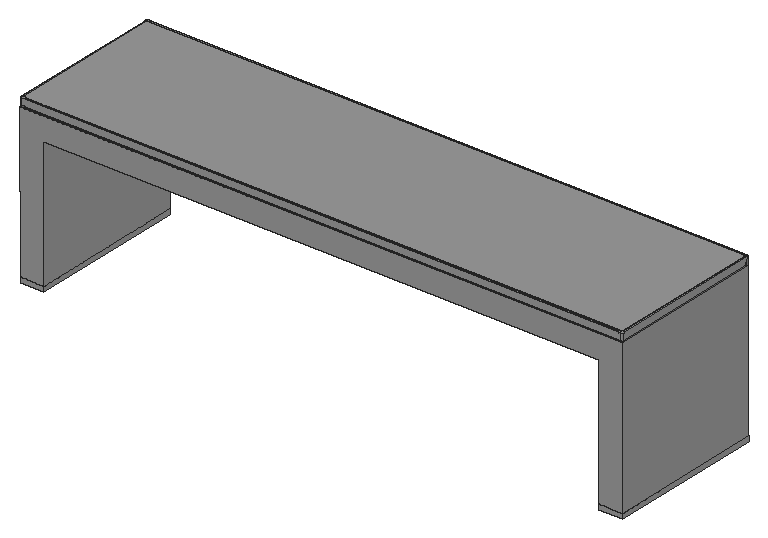
Revit family "Cocoon Community Bench 18x17x65", category Generic Models, Revit 2018
Family settings
  Can host rebar = No
  Round Connector Dimension = Use Diameter
  Part Type = Normal
  Work Plane-Based = No
  Always vertical = Yes
  Cut with Voids When Loaded = No
  Shared = No
  Room Calculation Point = No
Parameters
  Frame = Cocoon Community Bench 18x17x65 Frame
  Seat Fabric = Cocoon Community Bench 18x17x65 Fabric
Reference planes (in)
  plane 1 "Center (Front/Back)": y = 0
  plane 2: z = 0
  plane 3 "Center (Left/Right)": x = 0
Forms (in)
  Extrusion 1, solid, material "Cocoon Community Bench 18x17x65 Frame" <- "Frame"
    sketch origin (0, 0, 0) x (1, 0, 0) y (0, 0, 1)
      loop
        line (-32.5, 0.5) -> (-32.5, 0) -> (-30, 0) -> (-30, 0.5) -> (-32.5, 0.5)
      loop
        line (30, 0.5) -> (30, 0) -> (32.5, 0) -> (32.5, 0.5) -> (30, 0.5)
    from -8.5 to 8.5
  Extrusion 2, solid, material "Cocoon Community Bench 18x17x65 Fabric" <- "Seat Fabric"
    sketch origin (0, 0, 0) x (1, 0, 0) y (0, 1, 0)
      loop
        arc (-32.33473, 8.375) -> (-32.3632, 8.3632) -> (-32.375, 8.33473) r 0.04027
        line (-32.375, 8.33473) -> (-32.375, -8.33473)
        arc (-32.375, -8.33473) -> (-32.3632, -8.3632) -> (-32.33473, -8.375) r 0.04027
        line (-32.33473, -8.375) -> (32.33473, -8.375)
        arc (32.33473, -8.375) -> (32.3632, -8.3632) -> (32.375, -8.33473) r 0.04027
        line (32.375, -8.33473) -> (32.375, 8.33473)
        arc (32.375, 8.33473) -> (32.3632, 8.3632) -> (32.33473, 8.375) r 0.04027
        line (32.33473, 8.375) -> (-32.33473, 8.375)
    from 18 to 17
  Sweep 3, solid, material "Cocoon Community Bench 18x17x65 Fabric" <- "Seat Fabric"
    path origin (0, 0, 0) x (1, 0, 0) y (0, 1, 0)
      loop
        line (-32.33473, -8.375) -> (32.33473, -8.375)
        arc (32.33473, -8.375) -> (32.3632, -8.3632) -> (32.375, -8.33473) r 0.04027
        line (32.375, -8.33473) -> (32.375, 8.33473)
        arc (32.375, 8.33473) -> (32.3632, 8.3632) -> (32.33473, 8.375) r 0.04027
        line (32.33473, 8.375) -> (-32.33473, 8.375)
        arc (-32.33473, 8.375) -> (-32.3632, 8.3632) -> (-32.375, 8.33473) r 0.04027
        line (-32.375, 8.33473) -> (-32.375, -8.33473)
        arc (-32.375, -8.33473) -> (-32.3632, -8.3632) -> (-32.33473, -8.375) r 0.04027
    profile origin (0, -8.375, 0) x (0, 1, 0) y (0, 0, 1)
      loop
        arc (-0.125, 17.125) -> (-0.08839, 17.03661) -> (0, 17) r 0.125
        line (0, 17) -> (0, 18)
        arc (0, 18) -> (-0.08839, 17.96339) -> (-0.125, 17.875) r 0.125
        line (-0.125, 17.875) -> (-0.125, 17.125)
  Extrusion 4, solid, material "Cocoon Community Bench 18x17x65 Frame" <- "Frame"
    sketch origin (0, 0, 0) x (1, 0, 0) y (0, 0, 1)
      loop
        line (-32.5, 0.5) -> (-30, 0.5) -> (-30, 14.5) -> (30, 14.5) -> (30, 0.5) -> (32.5, 0.5) -> (32.5, 17) -> (-32.5, 17) -> (-32.5, 0.5)
    from -8.5 to 8.5
Dimensions and locks (in)
  aligned and locked: plane 2 to level
